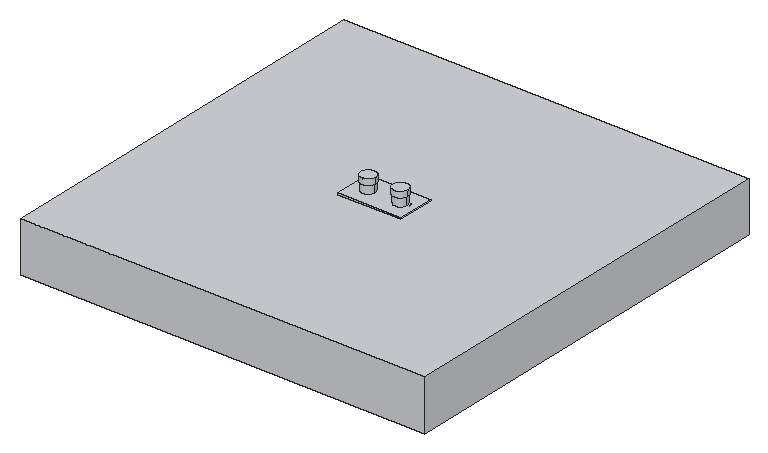
Revit family "ef89b3d31c8440a9bfd730fcf7e91eb2", category Mechanical Equipment, host Face, Revit 2021
Family settings
  Host = Face
  Round Connector Dimension = Use Radius
  Part Type = Normal
  OmniClass Number = 23.65.70.17.14
  OmniClass Title = Water Fire Fighting Terminals
  Seek Item ID = Fire Department Inlet Connection - 2 Way - Flush Plate-0000-USA-ENU
  Cut with Voids When Loaded = No
  Shared = No
  Room Calculation Point = No
Parameters (values of type "2 1/2"x2 1/2"")
  Nominal Radius = 1 1/4"
  Nominal Diameter = Nominal Radius * 2  # 2 1/2"
  Inlet Connection Plate Material = none
  Default Elevation = 2' - 4"
  Assembly Code = ""
Reference planes (in)
  plane 1 "Center (Front/Back)": y = 0
  plane 2: z = 0
  plane 3 "Center (Left/Right)": x = 0
  plane 4: x = -3.8125
  plane 5: x = 3.8125
  plane 6: z = 0.25
  plane 7: z = 0.5
  plane 8: z = 2.5
  plane 9: z = 3.75
  plane 10: y = 4.5
  plane 11: y = -4.5
  plane 12: x = 7.5
  plane 13: x = -7.5
  plane 14: x = -5.5625
  plane 15: x = -2.0625
  plane 16: x = 5.5625
  plane 17: x = 2.0625
  plane 18: y = 1.75
  plane 19: y = -1.75
Forms (in)
  Extrusion 1, solid
    sketch origin (0, 0, 0) x (1, 0, 0) y (0, 1, 0)
      loop
        line (-48, 48) -> (-48, -48) -> (48, -48) -> (48, 48) -> (-48, 48)
    from 0 to -12
  Extrusion 2, solid, material <- "Inlet Connection Plate Material", detail levels fine
    sketch origin (0, 0, 0) x (1, 0, 0) y (0, 1, 0)
      loop
        circle (-3.8125, 0) r 2
    from 0 to 0.25
  Extrusion 3, solid, material <- "Inlet Connection Plate Material", detail levels fine
    sketch origin (0, 0, 0) x (1, 0, 0) y (0, 1, 0)
      loop
        circle (3.8125, 0) r 2
    from 0 to 0.25
  Extrusion 4, solid, material <- "Inlet Connection Plate Material", detail levels fine
    sketch origin (-60, -180, 0.25) x (-1, 0, 0) y (0, -1, 0)
      loop
        line (-52.5, -184.5) -> (-52.5, -175.5) -> (-67.5, -175.5) -> (-67.5, -184.5) -> (-52.5, -184.5)
    from 0 to 0.25
  Extrusion 5, solid, material <- "Inlet Connection Plate Material", detail levels fine
    sketch origin (-60, -180, 0.5) x (-1, 0, 0) y (0, -1, 0)
      loop
        circle (-56.1875, -180) r 1.5
    from 0 to 2
  Extrusion 6, solid, material <- "Inlet Connection Plate Material", detail levels fine
    sketch origin (-60, -180, 0.5) x (-1, 0, 0) y (0, -1, 0)
      loop
        circle (-63.8125, -180) r 1.5
    from 0 to 2
  Extrusion 7, solid, material <- "Inlet Connection Plate Material", detail levels fine
    sketch origin (-60, -180, 2.5) x (-1, 0, 0) y (0, -1, 0)
      loop
        circle (-56.1875, -180) r 1.75
    from 0 to 1.25
  Extrusion 8, solid, material <- "Inlet Connection Plate Material", detail levels fine
    sketch origin (-60, -180, 2.5) x (-1, 0, 0) y (0, -1, 0)
      loop
        circle (-63.8125, -180) r 1.75
    from 0 to 1.25
Cuts and joins
  joined: Extrusion 2, Extrusion 3, Extrusion 5, Extrusion 6, Extrusion 7, Extrusion 8
Lines and regions (in)
  symbolic lines, detail levels fine
    curve 1: line (-7.5, 0, 0.5) -> (-7.5, 0, 0.25)
    curve 2: line (7.5, 0, 0.5) -> (7.5, 0, 0.25)
    curve 3: line (0, 4.5, 0.25) -> (0, -4.5, 0.25)
    curve 4: line (0, 4.5, 0.5) -> (0, 4.5, 0.25)
    curve 5: line (0, -4.5, 0.5) -> (0, -4.5, 0.25)
  model lines, detail levels coarse+medium
    curve 6: line (7.5, 0, 0.25) -> (-7.5, 0, 0.25)
    curve 7: circle (3.8125, 0, 3.125) r 0.625 normal (0, -1, 0)
    curve 8: circle (-3.8125, 0, 3.125) r 0.625 normal (0, 1, 0)
    curve 9: line (3.8125, 0, 2.5) -> (3.8125, 0, 0)
    curve 10: line (-3.8125, 0, 2.5) -> (-3.8125, 0, 0)
  symbolic lines
    curve 11: line (-7.5, 4.5, 0) -> (7.5, 4.5, 0)
    curve 12: line (-7.5, 4.5, 0) -> (-7.5, -4.5, 0)
    curve 13: line (7.5, 4.5, 0) -> (7.5, -4.5, 0)
    curve 14: line (-7.5, -4.5, 0) -> (7.5, -4.5, 0)
  symbolic lines, detail levels coarse+medium
    curve 15: circle (-3.8125, 0, 0) r 1.75 normal (0, 0, 1)
    curve 16: circle (3.8125, 0, 0) r 1.75 normal (0, 0, 1)
    curve 17: circle (3.8125, 0, 3.125) r 0.625 normal (1, 0, 0)
Dimensions and locks (in)
  locked: plane 4 to plane 3 "Center (Left/Right)" at 3.8125
  locked: plane 3 "Center (Left/Right)" to plane 5 at 3.8125
  plane 6 to plane 2 = 0' - 0 1/4"
  plane 7 to plane 6 = 0' - 0 1/4"
  plane 8 to plane 7 = 0' - 2"
  plane 9 to plane 8 = 0' - 1 1/4"
  plane 3 "Center (Left/Right)" to plane 12 = 0' - 7 1/2"
  plane 13 to plane 3 "Center (Left/Right)" = 0' - 7 1/2"
  plane 10 to plane 1 "Center (Front/Back)" = 0' - 4 1/2"
  plane 1 "Center (Front/Back)" to plane 11 = 0' - 4 1/2"
  plane 15 to plane 4 to plane 14 = 0' - 1 3/4", 0' - 1 3/4"
  plane 16 to plane 5 to plane 17 = 0' - 1 3/4", 0' - 1 3/4"
  plane 18 to plane 1 "Center (Front/Back)" = 0' - 1 3/4"
  plane 1 "Center (Front/Back)" to plane 19 = 0' - 1 3/4"
  radius of Extrusion 2 sketch curve = 0' - 2"
  radius of Extrusion 3 sketch curve = 0' - 2"
  radius of Extrusion 5 sketch curve = 0' - 1 1/2"
  radius of Extrusion 6 sketch curve = 0' - 1 1/2"
  radius of Extrusion 7 sketch curve = 0' - 1 3/4"
  radius of Extrusion 8 sketch curve = 0' - 1 3/4"
  radius of curve 15 = 0' - 1 3/4"
  radius of curve 16 = 0' - 1 3/4"
  aligned and locked: plane 2 to Extrusion 1
  aligned and locked: level to Extrusion 1
  aligned and locked: plane 6 to Extrusion 2
  aligned and locked: Extrusion 2 to level
  aligned and locked: Extrusion 3 to level
  aligned and locked: Extrusion 3 to Extrusion 2
  aligned and locked: plane 7 to Extrusion 4
  aligned and locked: plane 8 to Extrusion 5
  aligned and locked: plane 9 to Extrusion 7
  aligned and locked: Extrusion 8 to Extrusion 7
  aligned and locked: plane 9 to cut or joined group of Extrusion 2, Extrusion 3, Extrusion 5, Extrusion 6, Extrusion 7, Extrusion 8  (x2)
  aligned and locked: Extrusion 4 to plane 13
  aligned and locked: plane 12 to Extrusion 4
  aligned and locked: Extrusion 4 to plane 6
  aligned and locked: plane 10 to Extrusion 4
  aligned and locked: Extrusion 4 to plane 11
  aligned and locked: plane 6 to Extrusion 4
  aligned and locked: plane 13 to curve 11
  aligned and locked: plane 12 to curve 11
  aligned and locked: curve 11 to plane 10
  aligned and locked: plane 10 to curve 12
  aligned and locked: plane 11 to curve 12
  aligned and locked: curve 12 to plane 13
  aligned and locked: plane 11 to curve 13
  aligned and locked: plane 10 to curve 13
  aligned and locked: plane 13 to curve 14
  aligned and locked: plane 12 to curve 14
  aligned and locked: curve 14 to plane 11
  aligned and locked: plane 1 "Center (Front/Back)" to curve 15
  aligned and locked: plane 4 to curve 15
  aligned and locked: plane 1 "Center (Front/Back)" to curve 16
  aligned and locked: plane 5 to curve 16
Connectors (in)
  piping at (-3.8125, 0, 0), diameter 2.5, driven by "Nominal Radius"
    settings: on cut or joined group of Extrusion 2, Extrusion 3, Extrusion 5, Extrusion 6, Extrusion 7, Extrusion 8, index 1, connector inside diameter 2 1/2", connector length 0' - 0", flow factor 0, pipe flow 0 GPM, pressure drop 0.00 psi, fitting loss kfactor 0, connector angle 0.00°, fixture units 0, engagement length 0' - 0", angle of deflection 0.00°, flow configuration 1, flow direction 2, fitting loss method 0, system type 29, joint type 0, gender type 0, connector reference index -1, connector utility 0, adjustable connector no, is connector primary yes, connector description "Out"
  piping at (3.8125, 0, 0), diameter 2.5, driven by "Nominal Radius"
    settings: on cut or joined group of Extrusion 2, Extrusion 3, Extrusion 5, Extrusion 6, Extrusion 7, Extrusion 8, index 2, connector inside diameter 2 1/2", connector length 0' - 0", flow factor 0, pipe flow 0 GPM, pressure drop 0.00 psi, fitting loss kfactor 0, connector angle 0.00°, fixture units 0, engagement length 0' - 0", angle of deflection 0.00°, flow configuration 1, flow direction 2, fitting loss method 0, system type 29, joint type 0, gender type 0, connector reference index -1, connector utility 0, adjustable connector no, is connector primary no, connector description "Out"
